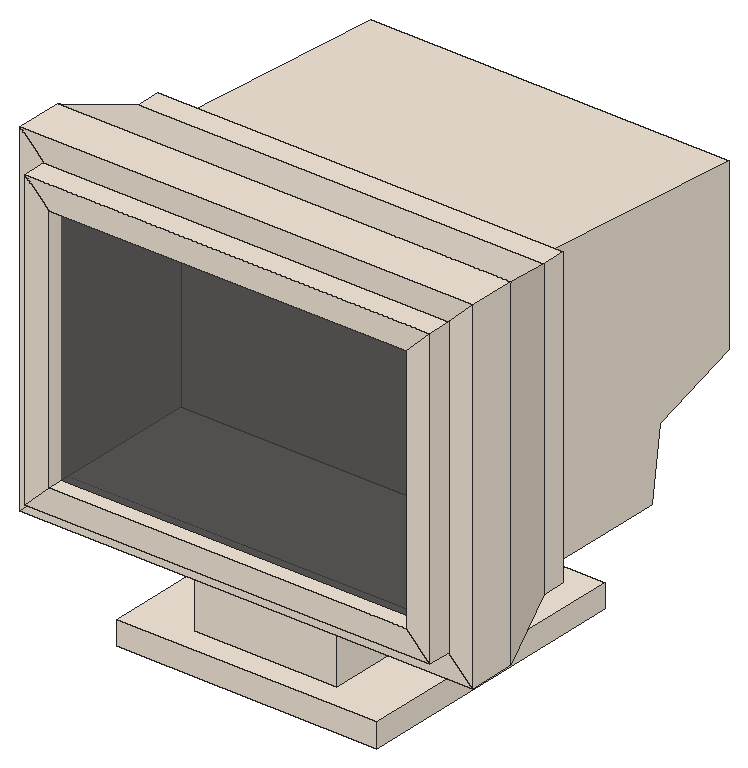
Revit family
Parameters (values of type "17" Monitor")
  Keynote = "N"
  Assembly Code = "E1010800"
Reference planes
  plane 1 "Center F/B": y = 0
  plane 2: z = 0
  plane 3 "Center L/R": x = 23.55
Forms (mm)
  Extrusion 1, solid, material "Plastic - White"
    sketch origin (23.55, 0, 355.129) x (0, 1, 0) y (0, 0, 1)
      loop
        line (0, 67.678) -> (0, -236.145) -> (151.042, -236.145) -> (161.417, -163.516) -> (254, -132.787) -> (254, 48.833) -> (0, 67.678)
    from -192.502 to 191.366
  Extrusion 2, solid, material "Plastic - White"
    sketch origin (23.55, 0, 456.73) x (0, 1, 0) y (0, 0, 1)
      loop
        line (-152.4, -456.73) -> (152.4, -456.73) -> (152.4, -431.33) -> (-152.4, -431.33) -> (-152.4, -456.73)
    from -139.7 to 139.7
  Extrusion 3, solid, material "Plastic - White"
    sketch origin (23.55, 0, 456.73) x (0, 1, 0) y (0, 0, 1)
      loop
        line (-127, -431.33) -> (127, -431.33) -> (127, -380.53) -> (-127, -380.53) -> (-127, -431.33)
    from -76.2 to 76.2
  Extrusion 4, solid, material "Plastic - White"
    sketch origin (23.55, 0, 456.73) x (0, 1, 0) y (0, 0, 1)
      loop
        line (127, -337.745) -> (-127, -337.745) -> (-127, -368.59)
        arc (-127, -368.59) -> (0.149, -398.853) -> (127, -367.361) r 276.619
        line (127, -367.361) -> (127, -337.745)
    from -63.5 to 63.5
  Sweep 5, solid, material "Plastic - White"
    path origin (-2.367, 0, 347.584) x (1, 0, 0) y (0, 0, 1)
      loop
        line (-166.585, -203.2) -> (217.283, -203.2) -> (217.283, 63.5) -> (-166.585, 63.5) -> (-166.585, -203.2)
    profile origin (22.983, 0, 0) x (0, 0, 1) y (0, -1, 0)
      loop
        line (118.984, 25.4) -> (118.984, 0) -> (144.384, 0) -> (144.384, 177.8) -> (118.984, 177.8) -> (118.984, 152.4) -> (93.584, 152.4) -> (93.584, 101.6) -> (118.984, 25.4)
  Extrusion 6, solid, material "Glass - Computer Screen"
    sketch origin (214.917, 0, 422.807) x (-1, 0, 0) y (0, 0, -1)
      loop
        line (383.868, 11.722) -> (383.868, 278.422) -> (0, 278.422) -> (0, 11.722) -> (383.868, 11.722)
    from 152.4 to 161.727
Lines and regions (mm)
  Masking region 1
    outline origin (0, 0, 0) x (1, 0, 0) y (0, 1, 0)
      loop
        line (214.917, 254) -> (-168.951, 254) -> (-168.951, 0) -> (-194.351, 0) -> (-194.351, -25.4) -> (-219.751, -101.6) -> (-219.751, -152.4) -> (-194.351, -152.4) -> (-194.351, -177.8) -> (240.317, -177.8) -> (240.317, -152.4) -> (265.717, -152.4) -> (265.717, -101.6) -> (240.317, -25.4) -> (240.317, 0) -> (214.917, 0) -> (214.917, 254)
  symbolic lines
    curve 1: line (214.917, 254, 0) -> (-168.951, 254, 0)
    curve 2: line (214.917, 0, 0) -> (214.917, 254, 0)
    curve 3: line (239.45, -177.8, 0) -> (-192.35, -177.8, 0)
    curve 4: line (-217.75, -152.4, 0) -> (264.85, -152.4, 0)
    curve 5: line (239.45, 0, 0) -> (-192.35, 0, 0)
    curve 6: line (-168.951, 254, 0) -> (-168.951, 0, 0)
    curve 7: line (239.45, -25.4, 0) -> (-192.35, -25.4, 0)
    curve 8: line (264.85, -101.6, 0) -> (-217.75, -101.6, 0)
